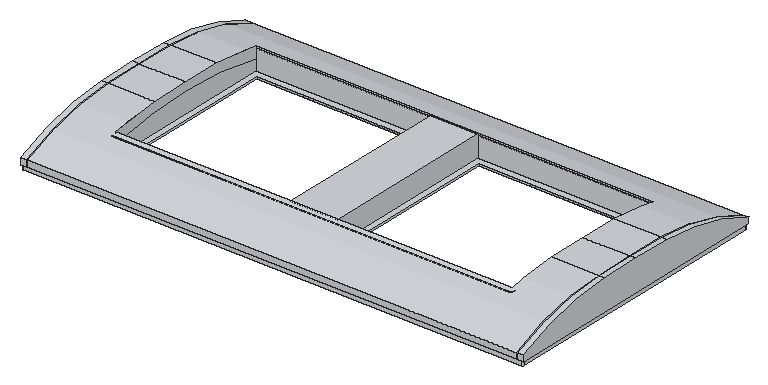
Revit family "Gira_0212766", category Electrical Fixtures, host Face, Revit 2017
Family settings
  Host = Face
  Maintain Annotation Orientation = No
  Round Connector Dimension = Use Diameter
  Part Type = Normal
  Cut with Voids When Loaded = No
  Shared = No
  Room Calculation Point = No
Parameters (values of type "Cov.fr. 2-g interm.fr. CAl Gira Event Clear brown")
  With mounting grid = "No"
  With hinged lid = "No"
  URL = "http://katalog.gira.de/en/datenblatt.html?artikelnr=0212766"
  Type of fastening = "Clamp mounting"
  Transparent = "No"
  Surface protection = "Other"
  Surface finishing = "Glossy"
  Suitable for wall duct = "No"
  Suitable for flush-mounted installation = "Yes"
  Suitable for floor box = "No"
  Suitable for built-in installation = "No"
  Number of units vertical = "2"
  Number of units horizontal = "2"
  Number of units = "2"
  Name = "Cov.fr. 2-g interm.fr. CAl Gira Event Clear brown"
  Mounting direction = "Horizontal and vertical"
  Material quality = "Thermoplastic"
  Material = "Plastic"
  Manufacturer URL = "https://www.gira.de/"
  Manufacturer = "Gira"
  Label space/information surface = "No"
  Keynote = ""
  HeinzeBIM = "https://bimportal.heinze.de/bim/cov-fr-2-g-interm-fr-cal-gira-event-clear-brown/32aa49ca295793eb45ac999876f36ad4b9cbac92"
  Halogen free = "Yes"
  HAN = "0212766"
  GTIN = "4010337069409"
  Description = "Cov.fr.2g i.fr.CAl EvCl BN,Gira Event Clear cover frame,brown with colour aluminium intermediate frame,2-gang,Features:,- Shatter-proof."
  Degree of protection (IP) = "IP20"
  Default Elevation = 1219.2 mm
  Data sheet (1) = "https://katalog.gira.de/en/download.html?artikelnr=0212766"
  Colour = "Brown"
  Category = "Cover frame for domestic switching devices"
  BIM (1) = "https://media.stage.bim.site/public/gira/36a6b08/Event_Rahmen_2fach.rfa"
  Available = "No"
Reference planes
  plane 1 "Center (Front/Back)": y = 0
  plane 2: z = 0
  plane 3 "Center (Left/Right)": x = 0
Forms (mm)
  Extrusion 1, solid, detail levels fine
    sketch origin (0, 0, 0.05) x (0, 1, 0) y (0, 0, 1)
      loop
        arc (12.445, 9.683) -> (6.223, 9.833) -> (0, 9.85) r 291.636
        arc (0, 9.85) -> (-6.223, 9.833) -> (-12.445, 9.683) r 291.636
        arc (-12.445, 9.683) -> (-29.14, 7.482) -> (-45, 1.823) r 79.728
        line (-45, 1.823) -> (-45, -0.05) -> (-42.086, -0.05)
        arc (-42.086, -0.05) -> (-21.385, 5.559) -> (0, 7.206) r 114.424
        arc (0, 7.206) -> (21.385, 5.559) -> (42.086, -0.05) r 114.424
        line (42.086, -0.05) -> (45, -0.05) -> (45, 1.823)
        arc (45, 1.823) -> (29.14, 7.482) -> (12.445, 9.683) r 79.728
    from -78.55 to 78.55
  Extrusion 2, void, detail levels fine
    sketch origin (0, 0, 0) x (1, 0, 0) y (0, 1, 0)
      loop
        line (-63.55, -27.937) -> (63.55, -27.937) -> (63.55, 28.063) -> (-63.55, 28.063) -> (-63.55, -27.937)
    from 0.724 to 11
  Extrusion 3, solid, detail levels coarse
    sketch origin (0, 0, 0) x (1, 0, 0) y (0, 1, 0)
      loop
        line (-80.55, 45) -> (-80.55, -45) -> (80.55, -45) -> (80.55, 45) -> (-80.55, 45)
    from -1.5 to 9.9
  Extrusion 4, solid, detail levels medium
    sketch origin (0, 0, 0.05) x (0, 1, 0) y (0, 0, 1)
      loop
        arc (12.445, 9.683) -> (6.223, 9.833) -> (0, 9.85) r 291.636
        arc (0, 9.85) -> (-6.223, 9.833) -> (-12.445, 9.683) r 291.636
        arc (-12.445, 9.683) -> (-29.14, 7.482) -> (-45, 1.823) r 79.728
        line (-45, 1.823) -> (-45, -0.05) -> (45, -0.05) -> (45, 1.823)
        arc (45, 1.823) -> (29.14, 7.482) -> (12.445, 9.683) r 79.728
    from -80.55 to 80.55
  Extrusion 5, solid, detail levels fine
    sketch origin (-35.55, 0, -1.5) x (0, 1, 0) y (0, 0, -1)
      loop
        line (45, -3.373) -> (45, -1.5) -> (-45, -1.5) -> (-45, -3.373)
        arc (-45, -3.373) -> (-29.14, -9.032) -> (-12.445, -11.233) r 79.728
        arc (-12.445, -11.233) -> (-6.223, -11.383) -> (0, -11.4) r 291.636
        arc (0, -11.4) -> (6.223, -11.383) -> (12.445, -11.233) r 291.636
        arc (12.445, -11.233) -> (29.14, -9.032) -> (45, -3.373) r 79.728
    from 43 to 45
  Extrusion 6, solid, detail levels fine
    sketch origin (0, 0, 0) x (1, 0, 0) y (0, 1, 0)
      loop
        line (-61.45, 25.7) -> (-61.45, -25.7) -> (-9.65, -25.7) -> (-9.65, 25.7) -> (-61.45, 25.7)
      loop
        line (61.45, -25.7) -> (61.45, 25.7) -> (9.65, 25.7) -> (9.65, -25.7) -> (61.45, -25.7)
      loop
        line (-64.445, 28.49) -> (-64.445, -28.495)
        spline (-64.445, -28.495) -> (-64.436, -28.625) -> (-64.411, -28.754) -> (-64.369, -28.878) -> (-64.311, -28.995) -> (-64.238, -29.104) -> (-64.152, -29.202) -> (-64.054, -29.288) -> (-63.945, -29.361) -> (-63.828, -29.419) -> (-63.704, -29.461) -> (-63.575, -29.486) -> (-63.445, -29.495)
        line (-63.445, -29.495) -> (63.445, -29.495)
        spline (63.445, -29.495) -> (63.575, -29.486) -> (63.704, -29.461) -> (63.828, -29.419) -> (63.945, -29.361) -> (64.054, -29.288) -> (64.152, -29.202) -> (64.238, -29.104) -> (64.311, -28.995) -> (64.369, -28.878) -> (64.411, -28.754) -> (64.436, -28.625) -> (64.445, -28.495)
        line (64.445, -28.495) -> (64.445, 28.49)
        spline (64.445, 28.49) -> (64.436, 28.62) -> (64.411, 28.748) -> (64.369, 28.872) -> (64.311, 28.99) -> (64.238, 29.098) -> (64.152, 29.197) -> (64.054, 29.283) -> (63.945, 29.356) -> (63.828, 29.413) -> (63.704, 29.456) -> (63.575, 29.481) -> (63.445, 29.49)
        line (63.445, 29.49) -> (-63.445, 29.49)
        spline (-63.445, 29.49) -> (-63.575, 29.481) -> (-63.704, 29.456) -> (-63.828, 29.413) -> (-63.945, 29.356) -> (-64.054, 29.283) -> (-64.152, 29.197) -> (-64.238, 29.098) -> (-64.311, 28.99) -> (-64.369, 28.872) -> (-64.411, 28.748) -> (-64.436, 28.62) -> (-64.445, 28.49)
    from 0.1 to 7.3
  Extrusion 7, solid
    sketch origin (0, 0, 0) x (1, 0, 0) y (0, 1, 0)
      loop
        arc (-80.25, -44.2) -> (-80.104, -44.554) -> (-79.75, -44.7) r 0.5
        line (-79.75, -44.7) -> (79.75, -44.7)
        arc (79.75, -44.7) -> (80.104, -44.554) -> (80.25, -44.2) r 0.5
        line (80.25, -44.2) -> (80.25, 44.2)
        arc (80.25, 44.2) -> (80.104, 44.554) -> (79.75, 44.7) r 0.5
        line (79.75, 44.7) -> (-79.75, 44.7)
        arc (-79.75, 44.7) -> (-80.104, 44.554) -> (-80.25, 44.2) r 0.5
        line (-80.25, 44.2) -> (-80.25, -44.2)
      loop
        line (-78.55, 43) -> (-78.55, -43) -> (78.55, -43) -> (78.55, 43) -> (-78.55, 43)
    from -1.5 to 0.5
  Extrusion 8, solid, detail levels fine
    sketch origin (35.55, 0, -1.5) x (0, 1, 0) y (0, 0, 1)
      loop
        arc (45, 3.373) -> (29.14, 9.032) -> (12.445, 11.233) r 79.728
        arc (12.445, 11.233) -> (6.223, 11.383) -> (0, 11.4) r 291.636
        arc (0, 11.4) -> (-6.223, 11.383) -> (-12.445, 11.233) r 291.636
        arc (-12.445, 11.233) -> (-29.14, 9.032) -> (-45, 3.373) r 79.728
        line (-45, 3.373) -> (-45, 1.5) -> (45, 1.5) -> (45, 3.373)
    from 43 to 45
  Extrusion 9, solid, detail levels medium
    sketch origin (0, 0, 0) x (1, 0, 0) y (0, 1, 0)
      loop
        line (-80.25, -44.7) -> (80.25, -44.7) -> (80.25, 44.7) -> (-80.25, 44.7) -> (-80.25, -44.7)
    from -1.5 to 0.5
  Extrusion 10, solid, detail levels fine
    sketch origin (0, 0, 0) x (1, 0, 0) y (0, 1, 0)
      loop
        line (-7.55, 28.063) -> (-7.55, -27.937) -> (7.55, -27.937) -> (7.55, 28.063) -> (-7.55, 28.063)
    from 0.724 to 7.566
Cuts and joins
  Extrusion 2 cuts Extrusion 1
  Extrusion 2 cuts Extrusion 6
Dimensions and locks
  aligned and locked: plane 2 to host face
  aligned and locked: level to host face
